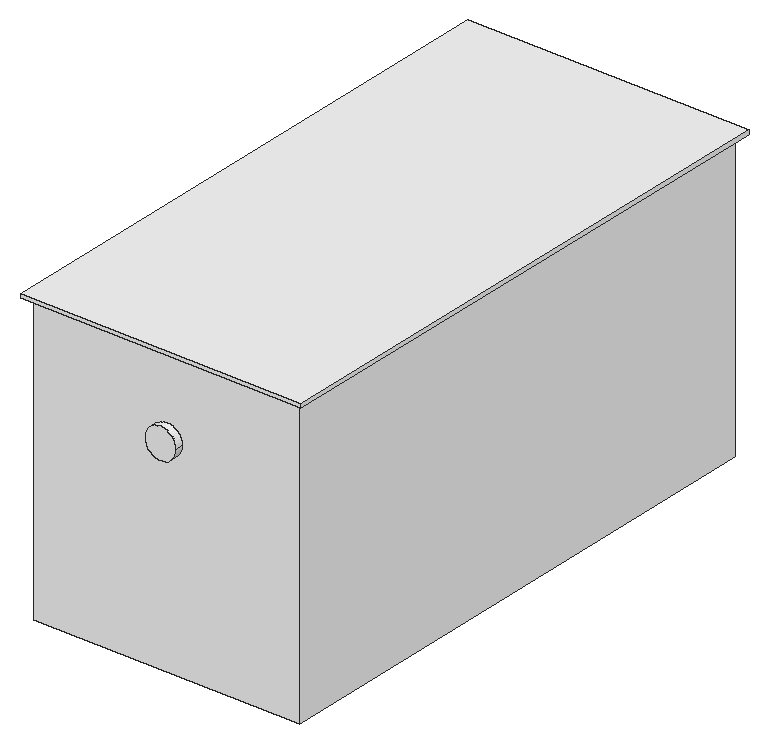
Revit family "Plumbing Fixture-Grease_Interseptor_Mifab_MI-SD", category Plumbing Fixtures, host Face, Revit 2013
Parameters (values of type "MI-SD-9")
  Water Capacity = "910 Gallons"
  WFU = 0
  URL = "www.mifab.com"
  Standard Inlet And Outlet Radii = F / 2  # 2.000"
  Model = "MI-SD-9"
  Manufacturer = "MIFAB"
  Interceptor Material = Acid Resistant Epoxy Coated Green
  F = 4.000"
  E = 38.000"
  Description = "Sediment Drain Interceptor"
  Default Elevation = 0.000"
  D = 27.000"
  C = 11.000"
  B = 36.500"
  Assembly Code = "D2090300"
  A = 72.625"
Types (11): name | Water Capacity | Standard Inlet And Outlet Radii | Model | F | E | D | C | B | A
  (no name) | "910 Gallons" | 2.000" | "MI-SD-9" | 4.000" | 38.000" | 27.000" | 11.000" | 36.500" | 72.625"
  MI-SD-1 | "12 Gallons" | 1.000" | "MI-SD-1" | 2.000" | 15.000" | 10.500" | 4.500" | 14.000" | 12.000"
  MI-SD-2 | "23 Gallons" | 1.500" | "MI-SD-2" | 3.000" | 20.000" | 12.500" | 7.500" | 20.750" | 16.000"
  MI-SD-3 | "77 Gallons" | 1.500" | "MI-SD-3" | 3.000" | 25.250" | 17.625" | 7.625" | 27.000" | 20.500"
  MI-SD-4 | "105 Gallons" | 1.500" | "MI-SD-4" | 3.000" | 33.000" | 23.000" | 10.000" | 27.000" | 20.500"
  MI-SD-5 | "193 Gallons" | 1.500" | "MI-SD-5" | 3.000" | 32.000" | 22.000" | 10.000" | 24.500" | 24.375"
  MI-SD-6 | "350 Gallons" | 1.500" | "MI-SD-6" | 3.000" | 32.000" | 22.000" | 10.000" | 24.500" | 48.625"
  MI-SD-7 | "438 Gallons" | 2.000" | "MI-SD-7" | 4.000" | 38.000" | 27.000" | 11.000" | 30.500" | 48.625"
  MI-SD-8 | "665 Gallons" | 2.000" | "MI-SD-8" | 4.000" | 38.000" | 27.000" | 11.000" | 36.500" | 60.500"
  MI-SD-9 | "910 Gallons" | 2.000" | "MI-SD-9" | 4.000" | 38.000" | 27.000" | 11.000" | 36.500" | 72.625"
  MI-SD-10 | "1155 Gallons" | 2.000" | "MI-SD-10" | 4.000" | 44.000" | 29.000" | 15.000" | 36.500" | 96.625"
Reference planes (in)
  plane 1 "Center (Front/Back)": y = 0
  plane 2: z = 0
  plane 3 "Center (Left/Right)": x = 0
  plane 4: x = -18.25
  plane 5: y = -36.3125
  plane 6: y = 36.3125
  plane 7: x = 18.25
  plane 8: z = -11
  plane 9: z = -38
  plane 10: z = -38
  plane 11: z = -0.1345
  plane 12: z = -37.8655
Forms (in)
  Extrusion 1, solid, material "Acid Resistant Epoxy Coated Green" <- "Interceptor Material"
    sketch origin (0, 0, 0) x (1, 0, 0) y (0, 1, 0)
      loop
        line (-18.25, 36.3125) -> (-18.25, -36.3125) -> (18.25, -36.3125) -> (18.25, 36.3125) -> (-18.25, 36.3125)
    from 0 to -0.5
  Extrusion 2, solid, material "Acid Resistant Epoxy Coated Green" <- "Interceptor Material"
    sketch origin (0, 0, 0) x (1, 0, 0) y (0, 1, 0)
      loop
        line (-17.25, 35.3125) -> (-17.25, -35.3125) -> (17.25, -35.3125) -> (17.25, 35.3125) -> (-17.25, 35.3125)
    from 0 to -38
  Extrusion 3, solid, material "Acid Resistant Epoxy Coated Green" <- "Interceptor Material"
    sketch origin (0, 0, 0) x (1, 0, 0) y (0, 0, 1)
      loop
        circle (0, -11) r 2
    from -36.3125 to 36.3125
Cuts and joins
  joined: Extrusion 1, Extrusion 2, Extrusion 3
Lines and regions (in)
  symbolic lines
    curve 1: line (-18.25, 36.3125, 0) -> (18.25, 36.3125, 0)
    curve 2: line (-18.25, -36.3125, 0) -> (-18.25, 36.3125, 0)
    curve 3: line (18.25, -36.3125, 0) -> (-18.25, -36.3125, 0)
    curve 4: line (18.25, 36.3125, 0) -> (18.25, -36.3125, 0)
Dimensions and locks (in)
  equal spacing: plane 4, plane 3 "Center (Left/Right)", plane 7
  equal spacing: plane 6, plane 1 "Center (Front/Back)", plane 5
  "B": plane 4 to plane 7
  "A": plane 6 to plane 5
  "C": host face to plane 8
  "D": plane 8 to plane 9
  "E": host face to plane 10
  equal spacing: Extrusion 2 sketch curve, plane 3 "Center (Left/Right)", Extrusion 2 sketch curve
  equal spacing: Extrusion 2 sketch curve, plane 1 "Center (Front/Back)", Extrusion 2 sketch curve
  Extrusion 2 sketch curve to plane 6 = 1.000"
  plane 4 to Extrusion 2 sketch curve = 1.000"
  locked: plane 12 to plane 10 at 0.1345
  locked: host face to plane 11 at 0.1345
  "F": diameter of Extrusion 3 sketch curve
  aligned and locked: plane 2 to host face
  aligned and locked: level to host face
  aligned and locked: Extrusion 1 sketch curve to plane 6
  aligned and locked: Extrusion 1 sketch curve to plane 4
  aligned and locked: plane 5 to Extrusion 1 sketch curve
  aligned and locked: Extrusion 1 sketch curve to plane 7
  aligned and locked: Extrusion 2 to plane 9
  aligned and locked: Extrusion 3 to plane 5
  aligned and locked: plane 6 to Extrusion 3
  aligned and locked: Extrusion 3 to cut or joined group of Extrusion 1, Extrusion 2, Extrusion 3
  aligned and locked: curve 1 to plane 6
  aligned and locked: curve 2 to plane 4
  aligned and locked: plane 5 to curve 3
  aligned and locked: curve 4 to plane 7
Automatic sketch dimensions
  host sketch curve to host sketch curve = 104.3304"
  host sketch curve to host sketch curve = 161.32766"
  Extrusion 3 sketch curve to plane 3 "Center (Left/Right)" = 0.000"
  Extrusion 3 sketch curve to plane 8 = 0.000"
Connectors (in)
  piping at (0, 36.3125, -11), driven by "Standard Inlet And Outlet Radii"
    settings: on cut or joined group of Extrusion 1, Extrusion 2, Extrusion 3, index 1, connector radius 2", flow factor 0, pipe flow 0 GPM, pressure drop 0.00 psi, fitting loss kfactor 0, connector angle 0.00°, fixture units 0, engagement length 0.000", flow configuration 0, flow direction 1, fitting loss method 0, system type 16, joint type 0, gender type 0, connector reference index -1, connector utility 0, adjustable connector no, is connector primary yes, fitting loss table "", connector description "In"
  piping at (0, -36.3125, -11), driven by "Standard Inlet And Outlet Radii"
    settings: on cut or joined group of Extrusion 1, Extrusion 2, Extrusion 3, index 2, connector radius 2", flow factor 0, pipe flow 0 GPM, pressure drop 0.00 psi, fitting loss kfactor 0, connector angle 0.00°, fixture units 0, engagement length 0.000", flow configuration 0, flow direction 2, fitting loss method 0, system type 16, joint type 0, gender type 0, connector reference index -1, connector utility 0, adjustable connector no, is connector primary no, fitting loss table "", connector description "Out"
